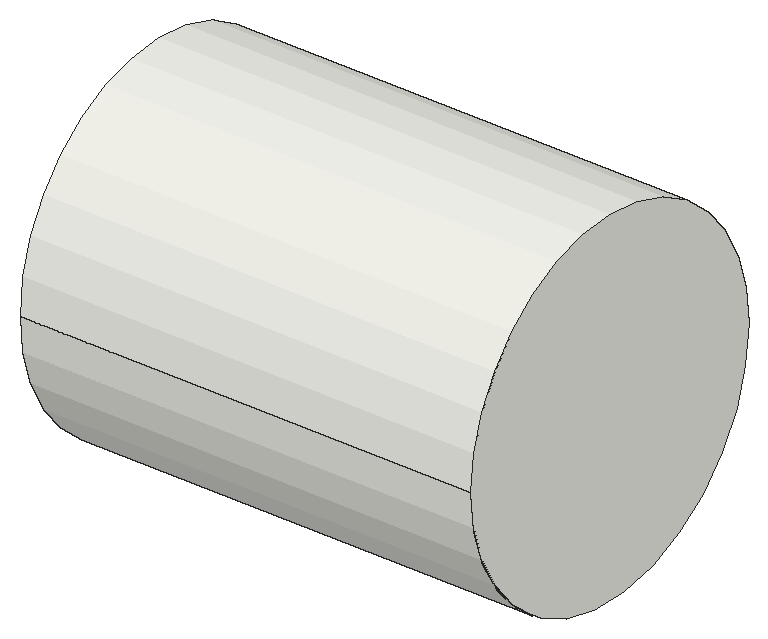
Revit family "Luva", category Pipe Fittings, Revit 2025
Family settings
  Round Connector Dimension = Use Radius
  Part Type = Union
  OmniClass Number = 23.60.30.11.14
  OmniClass Title = Pipework Fittings
  Work Plane-Based = No
  Always vertical = Yes
  Cut with Voids When Loaded = No
  Shared = No
Parameters
  Tick Size [instance] = Socket Outside Diameter * 0.4  # 0.452"
  Socket Outside Radius [instance] = Socket Outside Diameter / 2  # 0.565"
  Socket Outside Diameter [instance] = size_lookup(Lookup Table Name, "SOD", 1.13 * Nominal Diameter + 113/256", Nominal Diameter)  # 1.13"
  Nominal Radius [instance] = 1/4"
  Nominal Diameter [instance] = Nominal Radius * 2  # 1/2"
  Loss Method = K Coefficient from Table
  Lookup Table Name = "Coupling - PVC - Sch 40"
  Length 1 [instance] = Length / 2  # 0.735"
  Length [instance] = size_lookup(Lookup Table Name, "Lgt", 0.93 * Nominal Diameter + 57/64", Nominal Diameter)  # 1.47"
  K Coefficient Table = "Reducer/Coupling/Union/Increaser"
  Default Elevation = 0' - 0"
Reference planes (in)
  plane 1 "Center (Front/Back)": y = 0
  plane 2: z = 0
  plane 3 "Center (Left/Right)": x = 0
  plane 4: x = -0.735
  plane 5: x = 0.735
Forms (in)
  Extrusion 1, solid, material "PVC", detail levels fine
    sketch origin (0, 0, 0) x (0, 1, 0) y (0, 0, 1)
      loop
        circle (0, 0) r 0.565
    from -0.735 to 0.735
Lines and regions (in)
  model lines, detail levels coarse+medium
    curve 1: line (-0.735, 0, 0) -> (0.735, 0, 0)
    curve 2: line (-0.735, 0, 0) -> (-0.735, 0.452, 0)
    curve 3: line (-0.735, 0, 0) -> (-0.735, -0.452, 0)
    curve 4: line (0.735, 0, 0) -> (0.735, 0.452, 0)
    curve 5: line (0.735, 0, 0) -> (0.735, -0.452, 0)
Dimensions and locks (in)
  equal spacing: plane 4, plane 3 "Center (Left/Right)", plane 5
  "Length 1": plane 4 to plane 3 "Center (Left/Right)"
  "Tick Size": plane 1 "Center (Front/Back)" to curve 2
  "Tick Size": curve 3 to plane 1 "Center (Front/Back)"
  equal spacing: curve 5, plane 1 "Center (Front/Back)", curve 4
  "Tick Size": plane 1 "Center (Front/Back)" to curve 4
  "Socket Outside Radius": radius of Extrusion 1 sketch curve
  aligned and locked: plane 1 "Center (Front/Back)" to Extrusion 1 sketch curve
  aligned and locked: level to Extrusion 1 sketch curve
  aligned and locked: Extrusion 1 to plane 4
  aligned and locked: plane 1 "Center (Front/Back)" to curve 1
  aligned and locked: plane 4 to curve 1
  aligned and locked: plane 5 to curve 1
  aligned and locked: plane 5 to Extrusion 1
Connectors (in)
  piping at (-0.735, 0, 0), diameter 0.5, driven by "Nominal Radius"
    settings: on Extrusion 1, index 1, connector inside diameter 1/2", connector length 0' - 0", flow factor 0, pipe flow 0 GPM, pressure drop 0.00 psi, fitting loss kfactor 0, connector angle 0.00°, fixture units 0, engagement length 0' - 0", angle of deflection 0.00°, flow configuration 0, flow direction 0, fitting loss method 0, system type 28, joint type 0, gender type 0, connector reference index 2, connector utility 0, adjustable connector no, is connector primary yes, connector description ""
  piping at (0.735, 0, 0), diameter 0.5, driven by "Nominal Radius"
    settings: on Extrusion 1, index 2, connector inside diameter 1/2", connector length 0' - 0", flow factor 0, pipe flow 0 GPM, pressure drop 0.00 psi, fitting loss kfactor 0, connector angle 0.00°, fixture units 0, engagement length 0' - 0", angle of deflection 0.00°, flow configuration 0, flow direction 0, fitting loss method 0, system type 28, joint type 0, gender type 0, connector reference index 1, connector utility 0, adjustable connector no, is connector primary no, connector description ""
